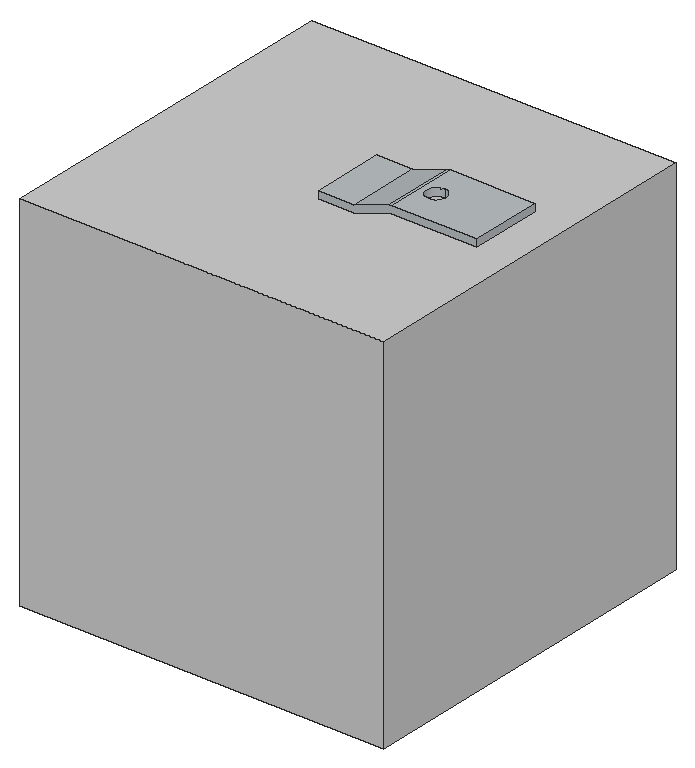
Revit family "REC-CH15130", category Structural Connections, host Face, Revit 2024
Family settings
  Host = Face
  Material for Model Behavior = Steel
  Enable Cutting in Views = Yes
  Cut with Voids When Loaded = Yes
  Shared = No
Parameters (values of type "CH15130")
  Visible = yes
  URL_Product_(Producto) = ""
  URL_DataSheet_(FichaTecnica) = ""
  URL_CE_Marking_(MarcadoCE) = ""
  Type IFC Predefined Type = "Brackets"
  Type Comments = ""
  URL = "https://recense.com/"
  Model = "CH15130"
  Manufacturer = "RECENSE"
  Keynote_ESP = "Anclaje antivuelco para fijación de paneles a perfiles de estructura metálica."
  Keynote = "Anti-tip anchor for fixing panels to metal structure profiles."
  IFCExportType = Classification.Uniclass.Pr.Description  # "Carbon steel anchor plates"
  IFCExportAs = "IfcElementAssembly"
  Fecha de Creacion: = "01/03/2024"
  Fecha Ultima Revision: = "01/03/2024"
  Export Type to IFC As = "IfcElementAssembly"
  Description_ESP = "Pletina 15/130 suj. perfil UPN (Sep. 10mm)."
  Description = "UPN profile clamp 15/130 (10mm spacing)."
  Default Elevation = 0.0 mm
  Creado por: = "Deliprogal SL"
  Cost = 0
  Classification.Uniclass.Ss.Number = ""
  Classification.Uniclass.Ss.Description = ""
  Classification.Uniclass.Pr.Number = "Pr_20_29_03_10"
  Classification.Uniclass.Pr.Description = "Carbon steel anchor plates"
  Classification.Uniclass.EF.Number = ""
  Classification.Uniclass.EF.Description = ""
  Classification.Space.Number = ""
  Classification.Space.Description = ""
  Classification.Facility.Number = ""
  Classification.Facility.Description = ""
  Assembly Code = ""
Reference planes
  plane 1 "Center (Front/Back)": y = 0
  plane 2: z = 0
  plane 3 "Center (Left/Right)": x = 0
Forms (mm)
  Extrusion 1, solid, material "REC_Base"
    sketch origin (0, -719.2, 0) x (1, 0, 0) y (0, 1, 0)
      loop
        line (-150, 869.2) -> (-150, 569.2) -> (150, 569.2) -> (150, 869.2) -> (-150, 869.2)
    from 0 to -300
  Extrusion 2, solid, material "REC_Acero, S 275JR (Zincado)"
    sketch origin (0, 30, 0) x (1, 0, 0) y (0, 0, 1)
      loop
        line (29.026, 6) -> (0, 6) -> (0, 0) -> (28.54, 0)
        arc (28.54, 0) -> (29.981, 0.116) -> (31.386, 0.462) r 9
        line (31.386, 0.462) -> (60, 10) -> (130, 10) -> (130, 16) -> (60.487, 16)
        arc (60.487, 16) -> (59.045, 15.884) -> (57.641, 15.538) r 9
        line (57.641, 15.538) -> (29.026, 6)
    from 0 to 60
  Extrusion 3, void
    sketch origin (60.487, 30, 10) x (-1, 0, 0) y (0, -1, 0)
      loop
        circle (-12.513, 30) r 8.25
    from 0 to 6
Cuts and joins
  Extrusion 3 cuts Extrusion 2
Dimensions and locks
  cut or joined group of Extrusion 2, Extrusion 3 to Extrusion 1 = 10.0 mm
  aligned and locked: plane 2 to Extrusion 1
  aligned and locked: level to Extrusion 1
